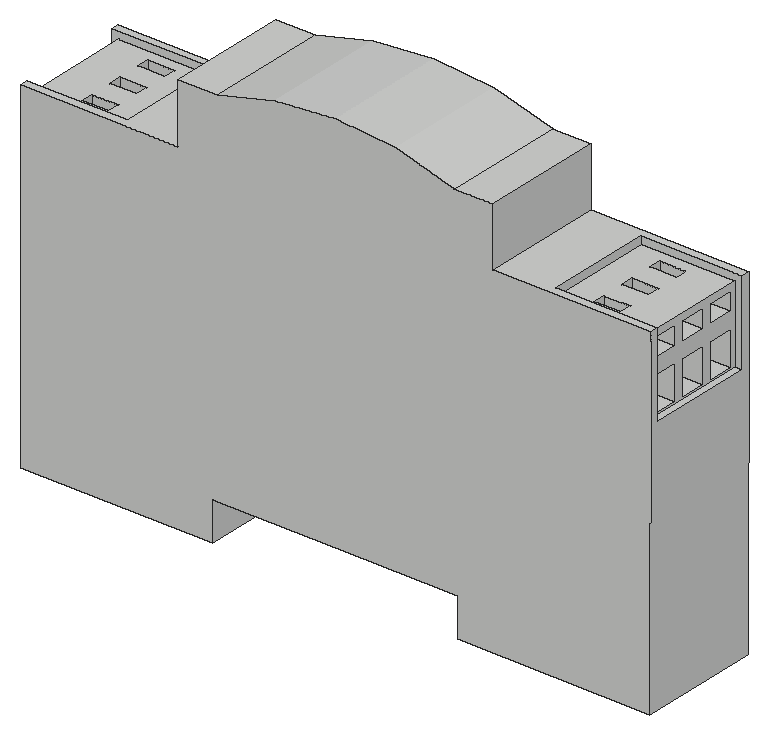
Revit family "Kombischutz für Doppeladersysteme mit HF-Anwendungen 5V-24V", category Generic Models, Revit 2015
Parameters (values of type "FRD 24 HF")
  Width = 90 mm
  URL = "http://www.obo-bettermann.com"
  Material 2 = OBO PE
  Material = OBO PA 6 GF20
  Manufacturer Art.No. = "5098575"
  Manufacturer = "OBO Bettermann"
  Length = 17.5 mm
  Height = 60.5 mm
  GTIN = "4012195578352"
  Cut depth = 12 mm
  Article Type = "FRD 24 HF"
Types (3, lengths in mm): name | Manufacturer Art.No. | GTIN | Article Type
  (no name) | "5098575" | "4012195578352" | "FRD 24 HF"
  FRD 5 HF | "5098571" | "4012195578345" | "FRD 5 HF"
  FRD 24 HF | "5098575" | "4012195578352" | "FRD 24 HF"
Reference planes
  plane 1 "Center (Front/Back)": y = 0
  plane 2: z = 0
  plane 3 "Center (Left/Right)": x = 0
  plane 4: z = 60.5
  plane 5: y = 8.75
  plane 6: y = -8.75
  plane 7: z = 37
  plane 8: z = 48
  plane 9: z = 46
  plane 10: x = 39
  plane 11: x = -39
  plane 12: z = 61.5
  plane 13: z = 51.5
Forms (mm)
  Extrusion 1, solid, material "OBO PA 6 GF20" <- "Material"
    sketch origin (0, 0, 0) x (1, 0, 0) y (0, 0, 1)
      loop
        line (0, 5.5) -> (17.5, 5.5) -> (17.5, 0) -> (45, 0) -> (45, 49) -> (22.5, 49) -> (22.5, 57.5) -> (17, 57.5)
        arc (17, 57.5) -> (0, 60.5) -> (-17, 57.5) r 49.667
        line (-17, 57.5) -> (-22.5, 57.5) -> (-22.5, 49) -> (-45, 49) -> (-45, 0) -> (-17.5, 0) -> (-17.5, 5.5) -> (0, 5.5)
    from -8.75 to 8.75
  Extrusion 2, void
    sketch origin (0, 0, 0) x (1, 0, 0) y (0, 1, 0)
      loop
        line (30.6, 7.6) -> (30.6, -7.6) -> (45, -7.6) -> (45, 7.6) -> (30.6, 7.6)
      loop
        line (-45, 7.6) -> (-45, -7.6) -> (-30.6, -7.6) -> (-30.6, 7.6) -> (-45, 7.6)
    from 37 to 49
  Extrusion 3, solid, material "OBO PE" <- "Material 2"
    sketch origin (0, 0, 0) x (1, 0, 0) y (0, 1, 0)
      loop
        line (30.6, 7.6) -> (30.6, -7.6) -> (44, -7.6) -> (44, 7.6) -> (30.6, 7.6)
      loop
        line (-30.6, 7.6) -> (-44, 7.6) -> (-44, -7.6) -> (-30.6, -7.6) -> (-30.6, 7.6)
    from 37 to 48
  Extrusion 4, void
    sketch origin (0, 0, 0) x (1, 0, 0) y (0, 1, 0)
      loop
        line (34.7, 0.9) -> (34.7, -0.9) -> (38.5, -0.9) -> (38.5, 0.9) -> (34.7, 0.9)
      loop
        line (34.7, 5.9) -> (34.7, 4.1) -> (38.5, 4.1) -> (38.5, 5.9) -> (34.7, 5.9)
      loop
        line (34.7, -4.1) -> (34.7, -5.9) -> (38.5, -5.9) -> (38.5, -4.1) -> (34.7, -4.1)
      loop
        line (-34.7, 5.9) -> (-38.5, 5.9) -> (-38.5, 4.1) -> (-34.7, 4.1) -> (-34.7, 5.9)
      loop
        line (-34.7, 0.9) -> (-38.5, 0.9) -> (-38.5, -0.9) -> (-34.7, -0.9) -> (-34.7, 0.9)
      loop
        line (-34.7, -4.1) -> (-38.5, -4.1) -> (-38.5, -5.9) -> (-34.7, -5.9) -> (-34.7, -4.1)
    from 46 to 48
  Extrusion 5, void
    sketch origin (0, 0, 0) x (0, 1, 0) y (0, 0, 1)
      loop
        line (1.9, 47) -> (-1.9, 47) -> (-1.9, 44.4) -> (1.9, 44.4) -> (1.9, 47)
      loop
        line (6.9, 47) -> (3.1, 47) -> (3.1, 44.4) -> (6.9, 44.4) -> (6.9, 47)
      loop
        line (-3.1, 47) -> (-6.9, 47) -> (-6.9, 44.4) -> (-3.1, 44.4) -> (-3.1, 47)
      loop
        line (6.9, 42.2) -> (3.1, 42.2) -> (3.1, 37.2) -> (6.9, 37.2) -> (6.9, 42.2)
      loop
        line (1.9, 42.2) -> (-1.9, 42.2) -> (-1.9, 37.2) -> (1.9, 37.2) -> (1.9, 42.2)
      loop
        line (-3.1, 42.2) -> (-6.9, 42.2) -> (-6.9, 37.2) -> (-3.1, 37.2) -> (-3.1, 42.2)
    from 39 to 44
  Extrusion 6, void
    sketch origin (0, 0, 0) x (0, 1, 0) y (0, 0, 1)
      loop
        line (3.1, 44.4) -> (6.9, 44.4) -> (6.9, 47) -> (3.1, 47) -> (3.1, 44.4)
      loop
        line (1.9, 44.4) -> (1.9, 47) -> (-1.9, 47) -> (-1.9, 44.4) -> (1.9, 44.4)
      loop
        line (-3.1, 47) -> (-6.9, 47) -> (-6.9, 44.4) -> (-3.1, 44.4) -> (-3.1, 47)
      loop
        line (6.9, 42.2) -> (3.1, 42.2) -> (3.1, 37.2) -> (6.9, 37.2) -> (6.9, 42.2)
      loop
        line (1.9, 37.2) -> (1.9, 42.2) -> (-1.9, 42.2) -> (-1.9, 37.2) -> (1.9, 37.2)
      loop
        line (-3.1, 42.2) -> (-6.9, 42.2) -> (-6.9, 37.2) -> (-3.1, 37.2) -> (-3.1, 42.2)
    from -44 to -39
Cuts and joins
  Extrusion 2, Extrusion 4, Extrusion 5, Extrusion 6 cuts Extrusion 1
  Extrusion 4, Extrusion 5, Extrusion 6 cuts Extrusion 3
Dimensions and locks
  locked: Extrusion 1 sketch curve to plane 3 "Center (Left/Right)" at 45
  locked: Extrusion 1 sketch curve to level at 49  (x2)
  locked: Extrusion 1 sketch curve to level at 5.5
  locked: Extrusion 1 sketch curve to plane 3 "Center (Left/Right)" at 17.5
  locked: Extrusion 1 sketch curve to plane 3 "Center (Left/Right)" at 22.5
  locked: Extrusion 1 sketch curve to level at 57.5  (x2)
  locked: Extrusion 1 sketch curve to Extrusion 1 sketch curve at 5.5  (x2)
  "Width": Extrusion 1 sketch curve to Extrusion 1 sketch curve
  locked: plane 3 "Center (Left/Right)" to Extrusion 1 sketch curve at 17.5
  locked: plane 3 "Center (Left/Right)" to Extrusion 1 sketch curve at 22.5
  "Height": plane 4 to level
  "Length": plane 5 to plane 6
  locked: plane 5 to plane 1 "Center (Front/Back)" at 8.75
  locked: Extrusion 2 sketch curve to Extrusion 2 sketch curve at 15.2
  equal spacing: Extrusion 2 sketch curve, plane 1 "Center (Front/Back)", Extrusion 2 sketch curve, locked at 7.6 each
  locked: Extrusion 2 sketch curve to Extrusion 1 at 14.4
  locked: Extrusion 1 to Extrusion 2 sketch curve at 14.4
  "Cut depth": cut or joined group of Extrusion 1, Extrusion 2, Extrusion 4, Extrusion 5, Extrusion 6 to plane 7
  locked: Extrusion 3 sketch curve to cut or joined group of Extrusion 1, Extrusion 2, Extrusion 4, Extrusion 5, Extrusion 6 at 1
  locked: cut or joined group of Extrusion 1, Extrusion 2, Extrusion 4, Extrusion 5, Extrusion 6 to Extrusion 3 sketch curve at 1
  locked: cut or joined group of Extrusion 1, Extrusion 2, Extrusion 4, Extrusion 5, Extrusion 6 to plane 8 at 1
  locked: Extrusion 4 sketch curve to Extrusion 4 sketch curve at 1.8  (x3)
  equal spacing: Extrusion 4 sketch curve, plane 1 "Center (Front/Back)", Extrusion 4 sketch curve, locked at 0.9 each
  locked: Extrusion 4 sketch curve to Extrusion 4 sketch curve at 3.2  (x2)
  locked: Extrusion 4 sketch curve to Extrusion 4 sketch curve at 3.8  (x2)
  locked: Extrusion 4 sketch curve to cut or joined group of Extrusion 1, Extrusion 2, Extrusion 4, Extrusion 5, Extrusion 6 at 10.3
  locked: cut or joined group of Extrusion 1, Extrusion 2, Extrusion 4, Extrusion 5, Extrusion 6 to Extrusion 4 sketch curve at 10.3
  locked: plane 8 to plane 9 at 2
  locked: Extrusion 5 sketch curve to Extrusion 5 sketch curve at 3.8  (x3)
  equal spacing: Extrusion 5 sketch curve, plane 1 "Center (Front/Back)", Extrusion 5 sketch curve, locked at 1.9 each
  locked: Extrusion 5 sketch curve to Extrusion 5 sketch curve at 1.2  (x2)
  locked: cut or joined group of Extrusion 3, Extrusion 4, Extrusion 5, Extrusion 6 to Extrusion 5 sketch curve at 1
  locked: Extrusion 5 sketch curve to Extrusion 5 sketch curve at 2.6
  locked: Extrusion 5 sketch curve to Extrusion 5 sketch curve at 2.2
  locked: Extrusion 5 sketch curve to Extrusion 5 sketch curve at 5
  locked: cut or joined group of Extrusion 3, Extrusion 4, Extrusion 5, Extrusion 6 to plane 10 at 5
  locked: cut or joined group of Extrusion 3, Extrusion 4, Extrusion 5, Extrusion 6 to plane 11 at 5
  locked: plane 12 to cut or joined group of Extrusion 1, Extrusion 2, Extrusion 4, Extrusion 5, Extrusion 6 at 4
  locked: plane 12 to plane 13 at 10
  radius of Extrusion 1 sketch curve = 49.667 mm
  aligned and locked: level to plane 2
  aligned and locked: Extrusion 1 to plane 5
  aligned and locked: plane 6 to Extrusion 1
  aligned and locked: Extrusion 2 sketch curve to Extrusion 1  (x2)
  aligned and locked: Extrusion 2 sketch curve to Extrusion 2 sketch curve  (x2)
  aligned and locked: Extrusion 2 to plane 7
  aligned and locked: Extrusion 2 to Extrusion 1
  aligned and locked: Extrusion 3 sketch curve to cut or joined group of Extrusion 1, Extrusion 2, Extrusion 4, Extrusion 5, Extrusion 6  (x5)
  aligned and locked: cut or joined group of Extrusion 1, Extrusion 2, Extrusion 4, Extrusion 5, Extrusion 6 to Extrusion 3 sketch curve
  aligned and locked: cut or joined group of Extrusion 1, Extrusion 2, Extrusion 4, Extrusion 5, Extrusion 6 to Extrusion 3
  aligned and locked: plane 8 to Extrusion 3
  aligned and locked: Extrusion 4 sketch curve to Extrusion 4 sketch curve  (x14)
  aligned and locked: Extrusion 4 to plane 9
  aligned and locked: plane 8 to Extrusion 4
  aligned and locked: Extrusion 5 sketch curve to Extrusion 5 sketch curve  (x14)
  aligned and locked: Extrusion 5 to plane 10
  aligned and locked: cut or joined group of Extrusion 3, Extrusion 4, Extrusion 5, Extrusion 6 to Extrusion 5
  aligned and locked: Extrusion 6 sketch curve to cut or joined group of Extrusion 3, Extrusion 4, Extrusion 5, Extrusion 6  (x24)
  aligned and locked: cut or joined group of Extrusion 3, Extrusion 4, Extrusion 5, Extrusion 6 to Extrusion 6
  aligned and locked: plane 11 to Extrusion 6
Automatic sketch dimensions
  Extrusion 1 sketch curve to plane 3 "Center (Left/Right)" = 0 mm
  Extrusion 1 sketch curve to level = 0 mm  (x2)
  Extrusion 6 sketch curve to plane 1 "Center (Front/Back)" = 3.1 mm
